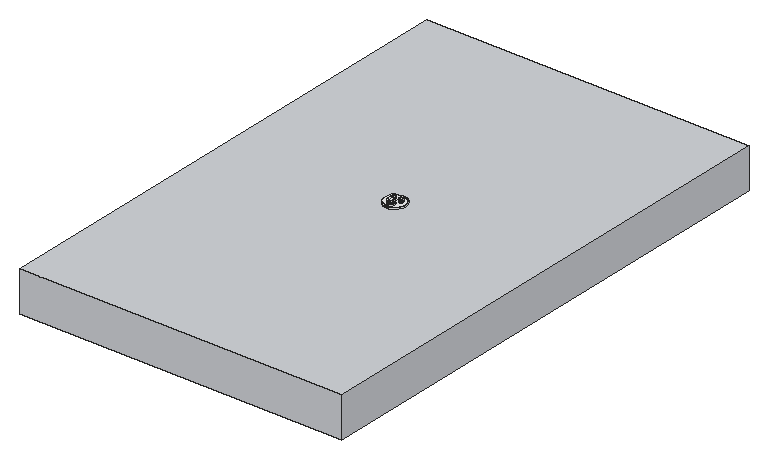
Revit family "Thermostatic_Trim-GROHE-GrohTherm_SmartControl-29137_Series", category Plumbing Fixtures, host Face, Revit 2018
Family settings
  Host = Face
  Round Connector Dimension = Use Diameter
  Part Type = Normal
  OmniClass Number = 23.45.05.14.17
  OmniClass Title = Showers
  Cut with Voids When Loaded = No
  Shared = Yes
  Room Calculation Point = No
Parameters (values of type "29137000")
  cUPC Compliant = yes
  Waste Connection = no
  Warranty Documentation Link = "https://cdn.cloud.grohe.com/tpi/1000/1900/1940/1949/1949006/original/1949006.pdf"
  WFU = 0  # constant formula
  Vent Connection = no
  URL = "https://www.grohe.us/"
  Type Comments = ""
  Revised Date = "05/27/2021"  # constant formula
  Product Page URL = "https://www.grohe.us/Thermostatic-Valves-Trims/Dual-Function-Thermostatic-Valve-Trim/GROHE-CHROME-29137000"
  Product Documentation Link = "https://americanstandard.box.com/shared/static/ecs47gyrcadhssdp6oimihnt5enhphoi.pdf"
  Price = "Prices may vary. Please consult Manufacturer Representative for most up-to-date price list."  # constant formula
  Operating Pressure = "21.75–72.5 psi"  # constant formula
  Model = "29137000"
  Material = "Metal-Grohe-000-StarLight Chrome"
  Manufacturer = "Grohe"
  Length = 1 11/16"  # constant formula
  Installation Type = "Wall Mounted"
  IAPMO Compliance = "ASME A112.18.1/CSA B125.1"  # constant formula
  Hot Water Connection Radius = Hot Water Connection Diameter / 2  # 1/4"
  Hot Water Connection Diameter = Cold Water Connection Diameter  # 1/2"
  HWFU = 3  # constant formula
  HW Connection = yes
  Finish = Metal-Grohe-000-StarLight Chrome
  Diameter = 6 1/4"  # constant formula
  Description = "GrohTherm® SmartControl Dual Function Thermostatic Trim with Control Module"  # constant formula
  Default Elevation = 39"  # constant formula
  Creation Date = "01/04/2018"  # constant formula
  Cold Water Connection Radius = 1/4"  # constant formula
  Cold Water Connection Diameter = Cold Water Connection Radius * 2  # 1/2"
  CWFU = 3  # constant formula
  CW Connection = yes
  Assembly Code = "D2010710"
Reference planes (in)
  plane 1 "Center (Front/Back)": y = 0
  plane 2: z = 0
  plane 3 "Center (Left/Right)": x = 0
  plane 4: z = 0.375
  plane 5: x = -0.15075
  plane 6: x = 0.15075
  plane 7: z = 1.6875
  plane 8: y = -3.125
  plane 9: y = 3.125
  plane 10: x = 3.125
  plane 11: x = -3.125
  plane 12: y = -0.55291
  plane 13: y = -2.48841
  plane 14: y = -1.52066
  plane 15: y = 1.25
  plane 16: y = 0.8125
  plane 17: x = -1.20277
Forms (in)
  Extrusion 1, solid
    sketch origin (-0.5, 0.5, 0) x (1, 0, 0) y (0, 1, 0)
      loop
        line (-48, 72) -> (-48, -79.70833) -> (48, -79.70833) -> (48, 72) -> (-48, 72)
    from 0 to -12
  Extrusion 2, solid, material "Metal-Grohe-000-StarLight Chrome" <- "Finish"
    sketch origin (0, 0, 0) x (1, 0, 0) y (0, 1, 0)
      loop
        circle (-0.81362, 0) r 0.25
      loop
        circle (0.81362, 0) r 0.25
    from 0 to 0.0625
  Revolve 3, solid, material "Metal-Grohe-000-StarLight Chrome" <- "Finish"
    sketch origin (0, 0, 0) x (0, 1, 0) y (0, 0, 1)
      loop
        line (-2.48841, 1.54478) -> (-2.48841, 1.50481) -> (-1.52066, 1.50481) -> (-1.52066, 1.6875)
        arc (-1.52066, 1.6875) -> (-1.94638, 1.681) -> (-2.3717, 1.66149) r 13.93676
        line (-2.3717, 1.66149) -> (-2.48841, 1.54478)
      loop
        line (-1.52066, 0.8294) -> (-2.48841, 0.8294) -> (-2.48841, 0.73803) -> (-2.43034, 0.73803) -> (-2.43034, 0.70214) -> (-2.48841, 0.70214) -> (-2.48841, 0.28028) -> (-1.52066, 0.28028) -> (-1.52066, 0.8294)
      axis (-1.52066, 1.6875) -> (-1.52066, 0.28028)
    angle from 0 to 360
  Extrusion 4, solid, material "Metal-Grohe-000-StarLight Chrome" <- "Finish"
    sketch origin (0, 0, 0) x (1, 0, 0) y (0, 1, 0)
      loop
        arc (0, -0.55291) -> (-0.04361, -0.56153) -> (-0.08782, -0.55691) r 0.14911
        arc (-0.08782, -0.55691) -> (-0.13689, -0.56856) -> (-0.18726, -0.5712) r 0.27927
        arc (-0.18726, -0.5712) -> (-0.22838, -0.5881) -> (-0.27265, -0.59212) r 0.14911
        arc (-0.27265, -0.59212) -> (-0.31206, -0.61267) -> (-0.35578, -0.62069) r 0.14911
        arc (-0.35578, -0.62069) -> (-0.39317, -0.64473) -> (-0.43599, -0.65669) r 0.14911
        arc (-0.43599, -0.65669) -> (-0.47104, -0.68403) -> (-0.51259, -0.69982) r 0.14911
        arc (-0.51259, -0.69982) -> (-0.54502, -0.73022) -> (-0.58497, -0.74972) r 0.14911
        arc (-0.58497, -0.74972) -> (-0.6145, -0.78294) -> (-0.65251, -0.80599) r 0.14911
        arc (-0.65251, -0.80599) -> (-0.67891, -0.84175) -> (-0.71468, -0.86815) r 0.14911
        arc (-0.71468, -0.86815) -> (-0.73772, -0.90616) -> (-0.77094, -0.9357) r 0.14911
        arc (-0.77094, -0.9357) -> (-0.79044, -0.97565) -> (-0.82085, -1.00807) r 0.14911
        arc (-0.82085, -1.00807) -> (-0.83664, -1.04962) -> (-0.86397, -1.08468) r 0.14911
        arc (-0.86397, -1.08468) -> (-0.87593, -1.12749) -> (-0.89997, -1.16488) r 0.14911
        arc (-0.89997, -1.16488) -> (-0.908, -1.2086) -> (-0.92855, -1.24802) r 0.14911
        arc (-0.92855, -1.24802) -> (-0.93257, -1.29229) -> (-0.94946, -1.33341) r 0.14911
        arc (-0.94946, -1.33341) -> (-0.94944, -1.37786) -> (-0.96253, -1.42034) r 0.14911
        arc (-0.96253, -1.42034) -> (-0.95849, -1.46461) -> (-0.96767, -1.5081) r 0.14911
        arc (-0.96767, -1.5081) -> (-0.95962, -1.55182) -> (-0.96481, -1.59597) r 0.14911
        arc (-0.96481, -1.59597) -> (-0.95283, -1.63877) -> (-0.954, -1.68321) r 0.14911
        arc (-0.954, -1.68321) -> (-0.93818, -1.72475) -> (-0.93531, -1.76911) r 0.14911
        arc (-0.93531, -1.76911) -> (-0.91579, -1.80905) -> (-0.90891, -1.85296) r 0.14911
        arc (-0.90891, -1.85296) -> (-0.88584, -1.89096) -> (-0.875, -1.93407) r 0.14911
        arc (-0.875, -1.93407) -> (-0.84858, -1.96982) -> (-0.83388, -2.01177) r 0.14911
        arc (-0.83388, -2.01177) -> (-0.80432, -2.04498) -> (-0.78587, -2.08542) r 0.14911
        arc (-0.78587, -2.08542) -> (-0.75342, -2.1158) -> (-0.73138, -2.1544) r 0.14911
        arc (-0.73138, -2.1544) -> (-0.69631, -2.18172) -> (-0.67085, -2.21816) r 0.14911
        arc (-0.67085, -2.21816) -> (-0.63344, -2.24218) -> (-0.60478, -2.27616) r 0.14911
        arc (-0.60478, -2.27616) -> (-0.56535, -2.29669) -> (-0.53373, -2.32793) r 0.14911
        arc (-0.53373, -2.32793) -> (-0.4926, -2.34479) -> (-0.45827, -2.37303) r 0.14911
        arc (-0.45827, -2.37303) -> (-0.41578, -2.38609) -> (-0.37903, -2.4111) r 0.14911
        arc (-0.37903, -2.4111) -> (-0.33553, -2.42025) -> (-0.29666, -2.44182) r 0.14911
        arc (-0.29666, -2.44182) -> (-0.25251, -2.44699) -> (-0.21184, -2.46494) r 0.14911
        arc (-0.21184, -2.46494) -> (-0.16741, -2.46608) -> (-0.12528, -2.48027) r 0.14911
        arc (-0.12528, -2.48027) -> (-0.08092, -2.47737) -> (-0.03768, -2.48768) r 0.14911
        arc (-0.03768, -2.48768) -> (0.00623, -2.48077) -> (0.05023, -2.48711) r 0.14911
        arc (0.05023, -2.48711) -> (0.09333, -2.47624) -> (0.13772, -2.47856) r 0.14911
        arc (0.13772, -2.47856) -> (0.17966, -2.46383) -> (0.22408, -2.46211) r 0.14911
        arc (0.22408, -2.46211) -> (0.26451, -2.44363) -> (0.30859, -2.43789) r 0.14911
        arc (0.30859, -2.43789) -> (0.34718, -2.41582) -> (0.39056, -2.4061) r 0.14911
        arc (0.39056, -2.4061) -> (0.42698, -2.38062) -> (0.4693, -2.36701) r 0.14911
        arc (0.4693, -2.36701) -> (0.50326, -2.33833) -> (0.54416, -2.32093) r 0.14911
        arc (0.54416, -2.32093) -> (0.57538, -2.28928) -> (0.61454, -2.26825) r 0.14911
        arc (0.61454, -2.26825) -> (0.64276, -2.2339) -> (0.67985, -2.20939) r 0.14911
        arc (0.67985, -2.20939) -> (0.70483, -2.17263) -> (0.73954, -2.14486) r 0.14911
        arc (0.73954, -2.14486) -> (0.76108, -2.10597) -> (0.79313, -2.07517) r 0.14911
        arc (0.79313, -2.07517) -> (0.81106, -2.03449) -> (0.84018, -2.00091) r 0.14911
        arc (0.84018, -2.00091) -> (0.85434, -1.95877) -> (0.8803, -1.92268) r 0.14911
        arc (0.8803, -1.92268) -> (0.89057, -1.87943) -> (0.91315, -1.84114) r 0.14911
        arc (0.91315, -1.84114) -> (0.91946, -1.79714) -> (0.93846, -1.75695) r 0.14911
        arc (0.93846, -1.75695) -> (0.94075, -1.71256) -> (0.95603, -1.67081) r 0.14911
        arc (0.95603, -1.67081) -> (0.95428, -1.62639) -> (0.96571, -1.58344) r 0.14911
        arc (0.96571, -1.58344) -> (0.95994, -1.53936) -> (0.96742, -1.49554) r 0.14911
        arc (0.96742, -1.49554) -> (0.95768, -1.45217) -> (0.96115, -1.40785) r 0.14911
        arc (0.96115, -1.40785) -> (0.94751, -1.36554) -> (0.94695, -1.3211) r 0.14911
        arc (0.94695, -1.3211) -> (0.92952, -1.2802) -> (0.92493, -1.23599) r 0.14911
        arc (0.92493, -1.23599) -> (0.90387, -1.19684) -> (0.89528, -1.15323) r 0.14911
        arc (0.89528, -1.15323) -> (0.87075, -1.11615) -> (0.85824, -1.0735) r 0.14911
        arc (0.85824, -1.0735) -> (0.83045, -1.0388) -> (0.81412, -0.99746) r 0.14911
        arc (0.81412, -0.99746) -> (0.7833, -0.96543) -> (0.76328, -0.92574) r 0.14911
        arc (0.76328, -0.92574) -> (0.72968, -0.89664) -> (0.70615, -0.85893) r 0.14911
        arc (0.70615, -0.85893) -> (0.67004, -0.833) -> (0.64318, -0.79758) r 0.14911
        arc (0.64318, -0.79758) -> (0.60487, -0.77503) -> (0.57491, -0.74219) r 0.14911
        arc (0.57491, -0.74219) -> (0.53471, -0.72322) -> (0.50189, -0.69323) r 0.14911
        arc (0.50189, -0.69323) -> (0.46014, -0.67798) -> (0.42473, -0.6511) r 0.14911
        arc (0.42473, -0.6511) -> (0.38177, -0.6397) -> (0.34407, -0.61615) r 0.14911
        arc (0.34407, -0.61615) -> (0.30025, -0.60869) -> (0.26057, -0.58865) r 0.14911
        arc (0.26057, -0.58865) -> (0.21625, -0.58521) -> (0.17492, -0.56885) r 0.14911
        arc (0.17492, -0.56885) -> (0.13047, -0.56945) -> (0.08782, -0.55691) r 0.14911
        arc (0.08782, -0.55691) -> (0.04361, -0.56153) -> (0, -0.55291) r 0.14911
    from 0.8294 to 1.50481
  Revolve 5, solid, material "Metal-Grohe-000-StarLight Chrome" <- "Finish"
    sketch origin (-1.20277, 0.1875, 0) x (0, 1, 0) y (0, 0, 1)
      loop
        line (0, 1.06249) -> (0.625, 1.06249) -> (0.625, 1.20523)
        arc (0.625, 1.20523) -> (0.35784, 1.19594) -> (0.09198, 1.16813) r 3.84769
        line (0.09198, 1.16813) -> (0, 1.11503) -> (0, 1.06249)
      loop
        line (0, 0.28028) -> (0.625, 0.28028) -> (0.625, 0.52591) -> (0, 0.52591) -> (0, 0.28028)
      axis (0.625, 1.20523) -> (0.625, 0.28028)
    angle from 0 to 360
  Extrusion 6, solid, material "Metal-Grohe-000-StarLight Chrome" <- "Finish"
    sketch origin (-1.20277, 0.1875, 0) x (1, 0, 0) y (0, 1, 0)
      loop
        arc (0, 1.25) -> (-0.03551, 1.24132) -> (-0.07178, 1.24586) r 0.10083
        arc (-0.07178, 1.24586) -> (-0.1059, 1.23281) -> (-0.14243, 1.23356) r 0.09526
        arc (-0.14243, 1.23356) -> (-0.18245, 1.21423) -> (-0.2264, 1.20755) r 0.14911
        arc (-0.2264, 1.20755) -> (-0.26332, 1.1828) -> (-0.3059, 1.17003) r 0.14911
        arc (-0.3059, 1.17003) -> (-0.33898, 1.14033) -> (-0.37935, 1.12171) r 0.14911
        arc (-0.37935, 1.12171) -> (-0.40794, 1.08767) -> (-0.44529, 1.06357) r 0.14911
        arc (-0.44529, 1.06357) -> (-0.46882, 1.02586) -> (-0.50242, 0.99675) r 0.14911
        arc (-0.50242, 0.99675) -> (-0.52043, 0.95611) -> (-0.54961, 0.92259) r 0.14911
        arc (-0.54961, 0.92259) -> (-0.56173, 0.87982) -> (-0.58593, 0.84252) r 0.14911
        arc (-0.58593, 0.84252) -> (-0.59193, 0.79848) -> (-0.61065, 0.75816) r 0.14911
        arc (-0.61065, 0.75816) -> (-0.61042, 0.71371) -> (-0.62329, 0.67116) r 0.14911
        arc (-0.62329, 0.67116) -> (-0.61683, 0.62718) -> (-0.62361, 0.58325) r 0.14911
        arc (-0.62361, 0.58325) -> (-0.61103, 0.54062) -> (-0.61158, 0.49617) r 0.14911
        arc (-0.61158, 0.49617) -> (-0.59315, 0.45572) -> (-0.58746, 0.41163) r 0.14911
        arc (-0.58746, 0.41163) -> (-0.56353, 0.37417) -> (-0.5517, 0.33132) r 0.14911
        arc (-0.5517, 0.33132) -> (-0.52276, 0.29758) -> (-0.50504, 0.25681) r 0.14911
        arc (-0.50504, 0.25681) -> (-0.47165, 0.22747) -> (-0.44838, 0.18959) r 0.14911
        arc (-0.44838, 0.18959) -> (-0.4112, 0.16523) -> (-0.38286, 0.13099) r 0.14911
        arc (-0.38286, 0.13099) -> (-0.34263, 0.11208) -> (-0.30975, 0.08216) r 0.14911
        arc (-0.30975, 0.08216) -> (-0.26727, 0.06908) -> (-0.23053, 0.04406) r 0.14911
        arc (-0.23053, 0.04406) -> (-0.18663, 0.03708) -> (-0.14673, 0.01747) r 0.14911
        arc (-0.14673, 0.01747) -> (-0.10229, 0.01671) -> (-0.06004, 0.00289) r 0.14911
        arc (-0.06004, 0.00289) -> (-0.01593, 0.00838) -> (0.02784, 0.00062) r 0.14911
        arc (0.02784, 0.00062) -> (0.07075, 0.01224) -> (0.11517, 0.0107) r 0.14911
        arc (0.11517, 0.0107) -> (0.15602, 0.02823) -> (0.20023, 0.03294) r 0.14911
        arc (0.20023, 0.03294) -> (0.23821, 0.05603) -> (0.28132, 0.06689) r 0.14911
        arc (0.28132, 0.06689) -> (0.31569, 0.09508) -> (0.35684, 0.11188) r 0.14911
        arc (0.35684, 0.11188) -> (0.38692, 0.14461) -> (0.42531, 0.16702) r 0.14911
        arc (0.42531, 0.16702) -> (0.45049, 0.20365) -> (0.48536, 0.23123) r 0.14911
        arc (0.48536, 0.23123) -> (0.50516, 0.27103) -> (0.53581, 0.30323) r 0.14911
        arc (0.53581, 0.30323) -> (0.54983, 0.34541) -> (0.57565, 0.38159) r 0.14911
        arc (0.57565, 0.38159) -> (0.58362, 0.42532) -> (0.60412, 0.46477) r 0.14911
        arc (0.60412, 0.46477) -> (0.60586, 0.50918) -> (0.62062, 0.55112) r 0.14911
        arc (0.62062, 0.55112) -> (0.61612, 0.59534) -> (0.62485, 0.63892) r 0.14911
        arc (0.62485, 0.63892) -> (0.61418, 0.68208) -> (0.61671, 0.72646) r 0.14911
        arc (0.61671, 0.72646) -> (0.6001, 0.76769) -> (0.59638, 0.81199) r 0.14911
        arc (0.59638, 0.81199) -> (0.57414, 0.85048) -> (0.56424, 0.89381) r 0.14911
        arc (0.56424, 0.89381) -> (0.53682, 0.92881) -> (0.52094, 0.97032) r 0.14911
        arc (0.52094, 0.97032) -> (0.48889, 1.00112) -> (0.46733, 1.04) r 0.14911
        arc (0.46733, 1.04) -> (0.43128, 1.066) -> (0.40449, 1.10147) r 0.14911
        arc (0.40449, 1.10147) -> (0.36514, 1.12215) -> (0.33363, 1.1535) r 0.14911
        arc (0.33363, 1.1535) -> (0.29177, 1.16846) -> (0.25618, 1.19509) r 0.14911
        arc (0.25618, 1.19509) -> (0.21263, 1.20402) -> (0.17365, 1.22539) r 0.14911
        arc (0.17365, 1.22539) -> (0.12928, 1.22813) -> (0.08769, 1.24382) r 0.14911
        arc (0.08769, 1.24382) -> (0.04338, 1.2403) -> (0, 1.25) r 0.14911
    from 0.52591 to 1.06249
  Extrusion 7, solid, material "Paint-Grohe-Red"
    sketch origin (0, 0, 0) x (1, 0, 0) y (0, 1, 0)
      loop
        line (-0.24665, -0.46647) -> (-0.26135, -0.40363)
        arc (-0.26135, -0.40363) -> (-0.70105, -0.61259) -> (-1.0145, -0.98507) r 1.1472
        line (-1.0145, -0.98507) -> (-0.95743, -1.0152)
        arc (-0.95743, -1.0152) -> (-0.66161, -0.66367) -> (-0.24665, -0.46647) r 1.08267
    from 0 to 0.38164
  Extrusion 8, solid, material "Paint-Grohe-Blue"
    sketch origin (0, 0, 0) x (-1, 0, 0) y (0, -1, 0)
      loop
        arc (-0.24665, 0.46647) -> (-0.66161, 0.66367) -> (-0.95743, 1.0152) r 1.08267
        line (-0.95743, 1.0152) -> (-1.0145, 0.98507)
        arc (-1.0145, 0.98507) -> (-0.70105, 0.61259) -> (-0.26135, 0.40363) r 1.1472
        line (-0.26135, 0.40363) -> (-0.24665, 0.46647)
    from 0 to 0.38164
  Extrusion 9, solid, material "Metal-Grohe-000-StarLight Chrome" <- "Finish"
    sketch origin (0, 0, 0) x (1, 0, 0) y (0, 0, 1)
      loop
        circle (0, 1.16813) r 0.30299
    from 0.25425 to 1.62542
  Extrusion 10, void
    sketch origin (0, 0, 0) x (1, 0, 0) y (0, 1, 0)
      loop
        line (0.35253, -0.58486) -> (0.35253, -0.17759) -> (-0.35958, -0.17759) -> (-0.35958, -0.58755)
        arc (-0.35958, -0.58755) -> (-0.00377, -0.52067) -> (0.35253, -0.58486) r 1
    from 0.73803 to 1.50481
  Revolve 11, solid, material "Metal-Grohe-000-StarLight Chrome" <- "Finish"
    sketch origin (1.20277, 0.1875, 0) x (0, 1, 0) y (0, 0, -1)
      loop
        line (0, -1.06249) -> (0, -1.11503) -> (0.09198, -1.16813)
        arc (0.09198, -1.16813) -> (0.35784, -1.19594) -> (0.625, -1.20523) r 3.84769
        line (0.625, -1.20523) -> (0.625, -1.06249) -> (0, -1.06249)
      loop
        line (0, -0.28028) -> (0, -0.52591) -> (0.625, -0.52591) -> (0.625, -0.28028) -> (0, -0.28028)
      axis (0.625, -1.20523) -> (0.625, -0.28028)
    angle from 0 to 360
  Extrusion 12, solid, material "Metal-Grohe-000-StarLight Chrome" <- "Finish"
    sketch origin (1.20277, 0.1875, 0) x (-1, 0, 0) y (0, -1, 0)
      loop
        arc (0, -1.25) -> (0.04338, -1.2403) -> (0.08769, -1.24382) r 0.14911
        arc (0.08769, -1.24382) -> (0.12928, -1.22813) -> (0.17365, -1.22539) r 0.14911
        arc (0.17365, -1.22539) -> (0.21263, -1.20402) -> (0.25618, -1.19509) r 0.14911
        arc (0.25618, -1.19509) -> (0.29177, -1.16846) -> (0.33363, -1.1535) r 0.14911
        arc (0.33363, -1.1535) -> (0.36514, -1.12215) -> (0.40449, -1.10147) r 0.14911
        arc (0.40449, -1.10147) -> (0.43128, -1.066) -> (0.46733, -1.04) r 0.14911
        arc (0.46733, -1.04) -> (0.48889, -1.00112) -> (0.52094, -0.97032) r 0.14911
        arc (0.52094, -0.97032) -> (0.53682, -0.92881) -> (0.56424, -0.89381) r 0.14911
        arc (0.56424, -0.89381) -> (0.57414, -0.85048) -> (0.59638, -0.81199) r 0.14911
        arc (0.59638, -0.81199) -> (0.6001, -0.76769) -> (0.61671, -0.72646) r 0.14911
        arc (0.61671, -0.72646) -> (0.61418, -0.68208) -> (0.62485, -0.63892) r 0.14911
        arc (0.62485, -0.63892) -> (0.61612, -0.59534) -> (0.62062, -0.55112) r 0.14911
        arc (0.62062, -0.55112) -> (0.60586, -0.50918) -> (0.60412, -0.46477) r 0.14911
        arc (0.60412, -0.46477) -> (0.58362, -0.42532) -> (0.57565, -0.38159) r 0.14911
        arc (0.57565, -0.38159) -> (0.54983, -0.34541) -> (0.53581, -0.30323) r 0.14911
        arc (0.53581, -0.30323) -> (0.50516, -0.27103) -> (0.48536, -0.23123) r 0.14911
        arc (0.48536, -0.23123) -> (0.45049, -0.20365) -> (0.42531, -0.16702) r 0.14911
        arc (0.42531, -0.16702) -> (0.38692, -0.14461) -> (0.35684, -0.11188) r 0.14911
        arc (0.35684, -0.11188) -> (0.31569, -0.09508) -> (0.28132, -0.06689) r 0.14911
        arc (0.28132, -0.06689) -> (0.23821, -0.05603) -> (0.20023, -0.03294) r 0.14911
        arc (0.20023, -0.03294) -> (0.15602, -0.02823) -> (0.11517, -0.0107) r 0.14911
        arc (0.11517, -0.0107) -> (0.07075, -0.01224) -> (0.02784, -0.00062) r 0.14911
        arc (0.02784, -0.00062) -> (-0.01593, -0.00838) -> (-0.06004, -0.00289) r 0.14911
        arc (-0.06004, -0.00289) -> (-0.10229, -0.01671) -> (-0.14673, -0.01747) r 0.14911
        arc (-0.14673, -0.01747) -> (-0.18663, -0.03708) -> (-0.23053, -0.04406) r 0.14911
        arc (-0.23053, -0.04406) -> (-0.26727, -0.06908) -> (-0.30975, -0.08216) r 0.14911
        arc (-0.30975, -0.08216) -> (-0.34263, -0.11208) -> (-0.38286, -0.13099) r 0.14911
        arc (-0.38286, -0.13099) -> (-0.4112, -0.16523) -> (-0.44838, -0.18959) r 0.14911
        arc (-0.44838, -0.18959) -> (-0.47165, -0.22747) -> (-0.50504, -0.25681) r 0.14911
        arc (-0.50504, -0.25681) -> (-0.52276, -0.29758) -> (-0.5517, -0.33132) r 0.14911
        arc (-0.5517, -0.33132) -> (-0.56353, -0.37417) -> (-0.58746, -0.41163) r 0.14911
        arc (-0.58746, -0.41163) -> (-0.59315, -0.45572) -> (-0.61158, -0.49617) r 0.14911
        arc (-0.61158, -0.49617) -> (-0.61103, -0.54062) -> (-0.62361, -0.58325) r 0.14911
        arc (-0.62361, -0.58325) -> (-0.61683, -0.62718) -> (-0.62329, -0.67116) r 0.14911
        arc (-0.62329, -0.67116) -> (-0.61042, -0.71371) -> (-0.61065, -0.75816) r 0.14911
        arc (-0.61065, -0.75816) -> (-0.59193, -0.79848) -> (-0.58593, -0.84252) r 0.14911
        arc (-0.58593, -0.84252) -> (-0.56173, -0.87982) -> (-0.54961, -0.92259) r 0.14911
        arc (-0.54961, -0.92259) -> (-0.52043, -0.95611) -> (-0.50242, -0.99675) r 0.14911
        arc (-0.50242, -0.99675) -> (-0.46882, -1.02586) -> (-0.44529, -1.06357) r 0.14911
        arc (-0.44529, -1.06357) -> (-0.40794, -1.08767) -> (-0.37935, -1.12171) r 0.14911
        arc (-0.37935, -1.12171) -> (-0.33898, -1.14033) -> (-0.3059, -1.17003) r 0.14911
        arc (-0.3059, -1.17003) -> (-0.26332, -1.1828) -> (-0.2264, -1.20755) r 0.14911
        arc (-0.2264, -1.20755) -> (-0.18245, -1.21423) -> (-0.14243, -1.23356) r 0.14911
        arc (-0.14243, -1.23356) -> (-0.1059, -1.23281) -> (-0.07178, -1.24586) r 0.09526
        arc (-0.07178, -1.24586) -> (-0.03551, -1.24132) -> (0, -1.25) r 0.10083
    from 0.52591 to 1.06249
  Revolve 13, solid, material "Metal-Grohe-000-StarLight Chrome" <- "Finish"
    sketch origin (0, 0, 0) x (0, 1, 0) y (0, 0, 1)
      loop
        line (0, 0) -> (3.125, 0) -> (3.125, 0.28028) -> (3.03028, 0.375) -> (0, 0.375) -> (0, 0)
      axis (0, 0.375) -> (0, 0)
    angle from 0 to 360
Cuts and joins
  Extrusion 10 cuts Extrusion 2
  Extrusion 10 cuts Extrusion 4
  Extrusion 10 cuts Extrusion 9
  joined: Extrusion 2, Extrusion 4, Extrusion 9
  joined: Revolve 3, Revolve 5, Extrusion 6, Revolve 11, Extrusion 12, Revolve 13
  Extrusion 10 cuts Extrusion 7
  Extrusion 10 cuts Extrusion 8
Lines and regions (in)
  Masking region 1
    outline origin (0, 0, 0) x (1, 0, 0) y (0, 0, 1)
      loop
        line (3.125, 0) -> (3.125, 0.28028) -> (3.03028, 0.375) -> (1.82777, 0.375) -> (1.82777, 1.11503) -> (1.73579, 1.16813)
        arc (1.73579, 1.16813) -> (1.35262, 1.20407) -> (0.9678, 1.19959) r 3.66067
        line (0.9678, 1.19959) -> (0.9678, 1.54473) -> (0.85103, 1.66149)
        arc (0.85103, 1.66149) -> (0, 1.68773) -> (-0.85103, 1.66149) r 13.81654
        line (-0.85103, 1.66149) -> (-0.9678, 1.54473) -> (-0.9678, 1.19959)
        arc (-0.9678, 1.19959) -> (-1.35262, 1.20407) -> (-1.73579, 1.16813) r 3.66067
        line (-1.73579, 1.16813) -> (-1.82777, 1.11503) -> (-1.82777, 0.375) -> (-3.03028, 0.375) -> (-3.125, 0.28028) -> (-3.125, 0) -> (3.125, 0)
  symbolic lines, detail levels fine
    curve 1: line (-1.82777, 0, 0.375) -> (-0.57777, 0, 0.375)
    curve 2: line (0.85103, 0, 1.66149) -> (-0.85103, 0, 1.66149)
    curve 3: line (0.9678, 0, 1.54473) -> (-0.9678, 0, 1.54473)
    curve 4: line (0.9678, 0, 1.50481) -> (-0.9678, 0, 1.50481)
    curve 6: line (3.125, 0, 0.28028) -> (-3.125, 0, 0.28028)
    curve 7: line (-0.56325, 0, 0.8294) -> (-0.56325, 0, 1.50481)
    curve 8: line (-0.4851, 0, 0.8294) -> (-0.4851, 0, 1.50481)
    curve 9: line (-0.40695, 0, 0.8294) -> (-0.40695, 0, 1.50481)
    curve 10: line (-0.32881, 0, 0.8294) -> (-0.32881, 0, 1.50481)
    curve 11: line (0.37454, 0, 0.8294) -> (0.37454, 0, 1.50481)
    curve 12: line (0.45269, 0, 0.8294) -> (0.45269, 0, 1.50481)
    curve 13: line (0.53084, 0, 0.8294) -> (0.53084, 0, 1.50481)
    curve 14: circle (0, 0, 1.16813) r 0.30299 normal (0, -1, 0)
    curve 15: line (0.29639, 0, 1.23101) -> (0.29639, 0, 1.50481)
    curve 16: line (0.21824, 0, 1.3783) -> (0.21824, 0, 1.50481)
    curve 17: line (0.14009, 0, 1.43678) -> (0.14009, 0, 1.50481)
    curve 18: line (0.06194, 0, 1.46472) -> (0.06194, 0, 1.50481)
    curve 19: line (-0.01621, 0, 1.47068) -> (-0.01621, 0, 1.50481)
    curve 20: line (-0.09436, 0, 1.45605) -> (-0.09436, 0, 1.50481)
    curve 21: line (-0.17251, 0, 1.41721) -> (-0.17251, 0, 1.50481)
    curve 22: line (-0.25066, 0, 1.33834) -> (-0.25066, 0, 1.50481)
    curve 27: line (1.82777, 0, 0.52591) -> (0.57777, 0, 0.52591)
    curve 28: line (1.82777, 0, 1.06249) -> (0.57777, 0, 1.06249)
    curve 29: line (1.82777, 0, 1.11503) -> (0.57777, 0, 1.11503)
    curve 30: line (1.73579, 0, 1.16813) -> (0.66975, 0, 1.16813)
    curve 31: line (0.65592, 0, 0.52591) -> (0.65592, 0, 1.06249)
    curve 32: line (0.73407, 0, 0.52591) -> (0.73407, 0, 1.06249)
    curve 33: line (0.81222, 0, 0.52591) -> (0.81222, 0, 1.06249)
    curve 34: line (0.89037, 0, 0.52591) -> (0.89037, 0, 1.06249)
    curve 35: line (0.96852, 0, 0.52591) -> (0.96852, 0, 1.06249)
    curve 36: line (1.04667, 0, 0.52591) -> (1.04667, 0, 1.06249)
    curve 37: line (1.12482, 0, 0.52591) -> (1.12482, 0, 1.06249)
    curve 38: line (1.20297, 0, 0.52591) -> (1.20297, 0, 1.06249)
    curve 39: line (1.28112, 0, 0.52591) -> (1.28112, 0, 1.06249)
    curve 40: line (1.35927, 0, 0.52591) -> (1.35927, 0, 1.06249)
    curve 41: line (1.43742, 0, 0.52591) -> (1.43742, 0, 1.06249)
    curve 42: line (1.51556, 0, 0.52591) -> (1.51556, 0, 1.06249)
    curve 43: line (1.59371, 0, 0.52591) -> (1.59371, 0, 1.06249)
    curve 44: line (1.67186, 0, 0.52591) -> (1.67186, 0, 1.06249)
    curve 45: line (1.75001, 0, 0.52591) -> (1.75001, 0, 1.06249)
    curve 47: line (0.92159, 0, 1.19633) -> (0.92159, 0, 1.50481)
    curve 48: line (0.84344, 0, 1.18946) -> (0.84344, 0, 1.50481)
    curve 49: line (0.76529, 0, 1.18091) -> (0.76529, 0, 1.50481)
    curve 50: line (0.68714, 0, 1.17065) -> (0.68714, 0, 1.50481)
    curve 52: line (0.60899, 0, 1.13305) -> (0.60899, 0, 1.50481)
    curve 57: line (-1.82777, 0, 0.52591) -> (-0.57777, 0, 0.52591)
    curve 58: line (-1.82777, 0, 1.06249) -> (-0.57777, 0, 1.06249)
    curve 59: line (-1.82777, 0, 1.11503) -> (-0.57777, 0, 1.11503)
    curve 60: line (-1.73579, 0, 1.16813) -> (-0.66975, 0, 1.16813)
    curve 61: line (-0.65592, 0, 0.52591) -> (-0.65592, 0, 1.06249)
    curve 62: line (-0.73407, 0, 0.52591) -> (-0.73407, 0, 1.06249)
    curve 63: line (-0.81222, 0, 0.52591) -> (-0.81222, 0, 1.06249)
    curve 64: line (-0.89037, 0, 0.52591) -> (-0.89037, 0, 1.06249)
    curve 65: line (-0.96852, 0, 0.52591) -> (-0.96852, 0, 1.06249)
    curve 66: line (-1.04667, 0, 0.52591) -> (-1.04667, 0, 1.06249)
    curve 67: line (-1.12482, 0, 0.52591) -> (-1.12482, 0, 1.06249)
    curve 68: line (-1.20297, 0, 0.52591) -> (-1.20297, 0, 1.06249)
    curve 69: line (-1.28112, 0, 0.52591) -> (-1.28112, 0, 1.06249)
    curve 70: line (-1.35927, 0, 0.52591) -> (-1.35927, 0, 1.06249)
    curve 71: line (-1.43742, 0, 0.52591) -> (-1.43742, 0, 1.06249)
    curve 72: line (-1.51556, 0, 0.52591) -> (-1.51556, 0, 1.06249)
    curve 73: line (-1.59371, 0, 0.52591) -> (-1.59371, 0, 1.06249)
    curve 74: line (-1.67186, 0, 0.52591) -> (-1.67186, 0, 1.06249)
    curve 75: line (-1.75001, 0, 0.52591) -> (-1.75001, 0, 1.06249)
    curve 78: line (-0.6414, 0, 1.15176) -> (-0.6414, 0, 1.50481)
    curve 79: line (-0.71955, 0, 1.17511) -> (-0.71955, 0, 1.50481)
    curve 80: line (-0.7977, 0, 1.18466) -> (-0.7977, 0, 1.50481)
    curve 81: line (-0.87585, 0, 1.19252) -> (-0.87585, 0, 1.50481)
    curve 82: line (-0.954, 0, 1.19868) -> (-0.954, 0, 1.50481)
    curve 83: line (-0.57777, 0, 0.70214) -> (0.57777, 0, 0.70214)
    curve 84: line (0.57777, 0, 0.73803) -> (-0.57777, 0, 0.73803)
    curve 85: line (-0.57777, 0, 0.8294) -> (0.57777, 0, 0.8294)
    curve 86: line (1.82777, 0, 0.375) -> (0.57777, 0, 0.375)
    curve 87: line (0.29639, 0, 1.10525) -> (0.29639, 0, 0.8294)
    curve 88: line (0.21824, 0, 0.95796) -> (0.21824, 0, 0.8294)
    curve 89: line (0.14009, 0, 0.89948) -> (0.14009, 0, 0.8294)
    curve 90: line (0.06194, 0, 0.87154) -> (0.06194, 0, 0.8294)
    curve 91: line (-0.01621, 0, 0.86558) -> (-0.01621, 0, 0.8294)
    curve 92: line (-0.09436, 0, 0.88021) -> (-0.09436, 0, 0.8294)
    curve 93: line (-0.17251, 0, 0.91905) -> (-0.17251, 0, 0.8294)
    curve 94: line (-0.25066, 0, 0.99792) -> (-0.25066, 0, 0.8294)
  symbolic lines, detail levels medium+fine
    curve 5: line (0.57777, 0, 0.375) -> (-0.57777, 0, 0.375)
    curve 23: line (1.82777, 0, 0.375) -> (1.82777, 0, 1.11503)
    curve 24: line (1.82777, 0, 1.11503) -> (1.73579, 0, 1.16813)
    curve 25: line (0.57777, 0, 0.375) -> (0.57777, 0, 1.11503)
    curve 26: line (0.57777, 0, 1.11503) -> (0.66975, 0, 1.16813)
    curve 46: arc (0.9678, 0, 1.19959) -> (0.82719, 0, 1.18782) -> (0.68714, 0, 1.17065) r 3.66067
    curve 51: arc (0.68714, 0, 1.17065) -> (0.67844, 0, 1.1694) -> (0.66975, 0, 1.16813) r 3.66067
    curve 53: line (-1.82777, 0, 0.375) -> (-1.82777, 0, 1.11503)
    curve 54: line (-1.82777, 0, 1.11503) -> (-1.73579, 0, 1.16813)
    curve 55: line (-0.57777, 0, 0.375) -> (-0.57777, 0, 1.11503)
    curve 56: line (-0.57777, 0, 1.11503) -> (-0.66975, 0, 1.16813)
    curve 76: arc (-0.9678, 0, 1.19959) -> (-0.82719, 0, 1.18782) -> (-0.68714, 0, 1.17065) r 3.66067
    curve 77: arc (-0.68714, 0, 1.17065) -> (-0.67844, 0, 1.1694) -> (-0.66975, 0, 1.16813) r 3.66067
Dimensions and locks (in)
  locked: plane 4 to level at 0.375
  "Length": plane 7 to level
  equal spacing: plane 11, plane 3 "Center (Left/Right)", plane 10
  "Diameter": plane 11 to plane 10
  equal spacing: plane 9, plane 1 "Center (Front/Back)", plane 8
  "Diameter": plane 9 to plane 8
  equal spacing: plane 12, plane 14, plane 13
  plane 12 to plane 13 = 1.9355"
  plane 1 "Center (Front/Back)" to plane 14 = 1.52066"
  plane 15 to plane 1 "Center (Front/Back)" = 1 1/4"  (x2)
  "Hot Water Connection Diameter": diameter of Extrusion 2 sketch curve
  "Cold Water Connection Diameter": diameter of Extrusion 2 sketch curve
  aligned and locked: plane 2 to Extrusion 1
  aligned and locked: level to Extrusion 1
  aligned and locked: Masking region 1 to curve 4
Automatic sketch dimensions
  Extrusion 1 sketch curve to Extrusion 1 sketch curve = 96"
  Extrusion 1 sketch curve to Extrusion 1 sketch curve = 151.70833"
  plane 1 "Center (Front/Back)" to Extrusion 2 sketch curve = 0"  (x2)
  plane 17 to Extrusion 2 sketch curve = 0.38915"
  plane 6 to Extrusion 2 sketch curve = 0.66287"
  Extrusion 4 sketch curve to plane 3 "Center (Left/Right)" = 0"
  Extrusion 4 sketch curve to plane 12 = 0"
  Extrusion 4 sketch curve to plane 3 "Center (Left/Right)" = 0.05038"
  Extrusion 4 sketch curve to plane 5 = 0.05726"
  plane 5 to Extrusion 4 sketch curve = 0.02588"
  plane 5 to Extrusion 4 sketch curve = 0.04265"
  plane 5 to Extrusion 4 sketch curve = 0.11309"
  Extrusion 4 sketch curve to Extrusion 4 sketch curve = 0.09832"
  Extrusion 4 sketch curve to Extrusion 4 sketch curve = 0.09668"  (x2)
  Extrusion 4 sketch curve to plane 13 = 0.07155"
  Extrusion 4 sketch curve to Extrusion 4 sketch curve = 0.09591"
  Extrusion 4 sketch curve to Extrusion 4 sketch curve = 0.09371"  (x2)
  Extrusion 4 sketch curve to Extrusion 4 sketch curve = 0.09271"
  Extrusion 4 sketch curve to plane 12 = 0.00118"
  Extrusion 4 sketch curve to Extrusion 4 sketch curve = 0.08996"  (x2)
  plane 13 to Extrusion 4 sketch curve = 1/64"
  Extrusion 4 sketch curve to Extrusion 4 sketch curve = 0.08875"
  Extrusion 4 sketch curve to Extrusion 4 sketch curve = 0.08547"  (x2)
  Extrusion 4 sketch curve to Extrusion 4 sketch curve = 0.08405"
  Extrusion 4 sketch curve to Extrusion 4 sketch curve = 0.08027"  (x2)
  Extrusion 4 sketch curve to Extrusion 4 sketch curve = 0.07866"
  Extrusion 4 sketch curve to Extrusion 4 sketch curve = 0.07441"  (x2)
  Extrusion 4 sketch curve to Extrusion 4 sketch curve = 0.07262"
  Extrusion 4 sketch curve to Extrusion 4 sketch curve = 0.06794"  (x2)
  Extrusion 4 sketch curve to Extrusion 4 sketch curve = 0.06599"
  Extrusion 4 sketch curve to Extrusion 4 sketch curve = 0.06091"
  Extrusion 4 sketch curve to Extrusion 4 sketch curve = 0.0588"
  Extrusion 4 sketch curve to Extrusion 4 sketch curve = 0.05337"
  Extrusion 4 sketch curve to Extrusion 4 sketch curve = 0.05114"
  Extrusion 4 sketch curve to Extrusion 4 sketch curve = 0.0454"
  Extrusion 4 sketch curve to Extrusion 4 sketch curve = 0.04305"
  Extrusion 4 sketch curve to Extrusion 4 sketch curve = 0.03705"
  Extrusion 4 sketch curve to Extrusion 4 sketch curve = 0.0346"
  Extrusion 4 sketch curve to Extrusion 4 sketch curve = 0.02839"  (x2)
  Extrusion 4 sketch curve to Extrusion 4 sketch curve = 0.02587"
  Extrusion 4 sketch curve to Extrusion 4 sketch curve = 0.0195"
  Extrusion 4 sketch curve to Extrusion 4 sketch curve = 0.01692"
  Extrusion 4 sketch curve to plane 14 = 0.06476"
  plane 17 to Extrusion 4 sketch curve = 0.09543"
  plane 14 to Extrusion 4 sketch curve = 0.03599"
  plane 17 to Extrusion 4 sketch curve = 0.09412"
  plane 3 "Center (Left/Right)" to Extrusion 4 sketch curve = 0.0072"
  plane 3 "Center (Left/Right)" to Extrusion 4 sketch curve = 0.05038"
  Extrusion 4 sketch curve to plane 6 = 0.04292"
  Extrusion 4 sketch curve to plane 6 = 0.00002"
  plane 6 to Extrusion 4 sketch curve = 0.05682"
  plane 6 to Extrusion 4 sketch curve = 0.09908"
  Extrusion 4 sketch curve to Extrusion 4 sketch curve = 0.09803"
  Extrusion 4 sketch curve to Extrusion 4 sketch curve = 0.09704"
  Extrusion 4 sketch curve to plane 13 = 0.06643"
  Extrusion 4 sketch curve to Extrusion 4 sketch curve = 0.0955"
  Extrusion 4 sketch curve to Extrusion 4 sketch curve = 0.09418"
  Extrusion 4 sketch curve to Extrusion 4 sketch curve = 0.09219"
  plane 12 to Extrusion 4 sketch curve = 0.0058"
  Extrusion 4 sketch curve to Extrusion 4 sketch curve = 0.09054"
  plane 13 to Extrusion 4 sketch curve = 0.0231"
  Extrusion 4 sketch curve to Extrusion 4 sketch curve = 0.08812"
  Extrusion 4 sketch curve to Extrusion 4 sketch curve = 0.08615"
  Extrusion 4 sketch curve to Extrusion 4 sketch curve = 0.08333"
  Extrusion 4 sketch curve to Extrusion 4 sketch curve = 0.08106"
  Extrusion 4 sketch curve to Extrusion 4 sketch curve = 0.07784"
  Extrusion 4 sketch curve to Extrusion 4 sketch curve = 0.07529"
  Extrusion 4 sketch curve to Extrusion 4 sketch curve = 0.07171"
  Extrusion 4 sketch curve to Extrusion 4 sketch curve = 0.0689"
  Extrusion 4 sketch curve to Extrusion 4 sketch curve = 0.06499"
  Extrusion 4 sketch curve to Extrusion 4 sketch curve = 0.06194"
  Extrusion 4 sketch curve to Extrusion 4 sketch curve = 0.05774"
  Extrusion 4 sketch curve to Extrusion 4 sketch curve = 0.05448"
  Extrusion 4 sketch curve to Extrusion 4 sketch curve = 0.05"
  Extrusion 4 sketch curve to Extrusion 4 sketch curve = 0.04656"
  Extrusion 4 sketch curve to Extrusion 4 sketch curve = 0.04186"
  Extrusion 4 sketch curve to Extrusion 4 sketch curve = 0.03826"
  Extrusion 4 sketch curve to Extrusion 4 sketch curve = 0.03337"
  Extrusion 4 sketch curve to Extrusion 4 sketch curve = 0.02964"
  Extrusion 4 sketch curve to Extrusion 4 sketch curve = 0.0246"
  Extrusion 4 sketch curve to Extrusion 4 sketch curve = 0.02078"
  Extrusion 4 sketch curve to Extrusion 4 sketch curve = 1/64"
  Extrusion 4 sketch curve to plane 14 = 0.07913"
  Extrusion 4 sketch curve to Extrusion 4 sketch curve = 0.01175"
  plane 14 to Extrusion 4 sketch curve = 0.0216"
  Extrusion 4 sketch curve to Extrusion 4 sketch curve = 0.00654"
  Extrusion 4 sketch curve to plane 13 = 0.09856"
  Extrusion 4 sketch curve to Extrusion 4 sketch curve = 0.03089"
  Extrusion 4 sketch curve to Extrusion 4 sketch curve = 0.02333"
  Extrusion 4 sketch curve to Extrusion 4 sketch curve = 0.02206"
  Extrusion 4 sketch curve to Extrusion 4 sketch curve = 0.01434"
  Extrusion 4 sketch curve to Extrusion 4 sketch curve = 0.01304"
  Extrusion 4 sketch curve to Extrusion 4 sketch curve = 0.00523"
  Extrusion 4 sketch curve to plane 13 = 0.03208"
  Extrusion 4 sketch curve to plane 13 = 0.02576"
  plane 13 to Extrusion 4 sketch curve = 0.07121"
  plane 13 to Extrusion 4 sketch curve = 0.07976"
  Extrusion 4 sketch curve to Extrusion 4 sketch curve = 0.06297"
  Extrusion 4 sketch curve to Extrusion 4 sketch curve = 0.06399"
  Extrusion 4 sketch curve to Extrusion 4 sketch curve = 0.06985"
  Extrusion 4 sketch curve to Extrusion 4 sketch curve = 0.07079"
  Extrusion 4 sketch curve to Extrusion 4 sketch curve = 0.07615"
  Extrusion 4 sketch curve to Extrusion 4 sketch curve = 0.077"
  Extrusion 4 sketch curve to Extrusion 4 sketch curve = 0.08183"
  Extrusion 4 sketch curve to Extrusion 4 sketch curve = 0.08258"
  Extrusion 4 sketch curve to Extrusion 4 sketch curve = 0.08682"
  Extrusion 4 sketch curve to Extrusion 4 sketch curve = 0.08748"
  Extrusion 4 sketch curve to Extrusion 4 sketch curve = 0.09111"
  Extrusion 4 sketch curve to Extrusion 4 sketch curve = 0.09166"
  Extrusion 4 sketch curve to Extrusion 4 sketch curve = 0.09464"
  Extrusion 4 sketch curve to Extrusion 4 sketch curve = 0.09508"
  Extrusion 4 sketch curve to Extrusion 4 sketch curve = 0.09739"
  Extrusion 4 sketch curve to Extrusion 4 sketch curve = 0.09771"
  Extrusion 4 sketch curve to Extrusion 4 sketch curve = 0.09933"
  Extrusion 4 sketch curve to Extrusion 4 sketch curve = 0.10055"
  Extrusion 4 sketch curve to Extrusion 4 sketch curve = 0.10022"
  Extrusion 4 sketch curve to Extrusion 4 sketch curve = 0.10008"
  Extrusion 4 sketch curve to Extrusion 4 sketch curve = 0.09886"
  Extrusion 4 sketch curve to Extrusion 4 sketch curve = 0.0986"
  Extrusion 4 sketch curve to Extrusion 4 sketch curve = 0.09631"
  Extrusion 4 sketch curve to Extrusion 4 sketch curve = 0.09322"
  Extrusion 4 sketch curve to Extrusion 4 sketch curve = 0.08936"
  Extrusion 4 sketch curve to Extrusion 4 sketch curve = 0.08477"
  Extrusion 4 sketch curve to Extrusion 4 sketch curve = 0.07947"
  Extrusion 4 sketch curve to Extrusion 4 sketch curve = 0.07353"
  Extrusion 4 sketch curve to Extrusion 4 sketch curve = 0.06697"
  Extrusion 4 sketch curve to plane 12 = 0.05455"
  Extrusion 4 sketch curve to plane 12 = 0.04646"
  plane 12 to Extrusion 4 sketch curve = 0.04421"
  plane 12 to Extrusion 4 sketch curve = 0.05003"
  plane 12 to Extrusion 4 sketch curve = 0.08126"
  plane 12 to Extrusion 4 sketch curve = 0.08585"
  Extrusion 4 sketch curve to Extrusion 4 sketch curve = 0.02713"
  Extrusion 4 sketch curve to Extrusion 4 sketch curve = 0.01821"
  Extrusion 4 sketch curve to Extrusion 4 sketch curve = 0.00914"
  Extrusion 4 sketch curve to Extrusion 4 sketch curve = 0"
  Extrusion 4 sketch curve to Extrusion 4 sketch curve = 0.15113"
  plane 13 to Extrusion 4 sketch curve = 0.00073"
  Extrusion 4 sketch curve to plane 3 "Center (Left/Right)" = 0.03768"
  Extrusion 4 sketch curve to plane 12 = 0.00399"  (x2)
  plane 13 to Extrusion 4 sketch curve = 0.00814"
  Extrusion 4 sketch curve to plane 12 = 0.01829"
  plane 13 to Extrusion 4 sketch curve = 0.02347"
  Extrusion 4 sketch curve to plane 12 = 0.0392"
  plane 13 to Extrusion 4 sketch curve = 0.04659"
  Extrusion 4 sketch curve to plane 12 = 0.06777"
  plane 13 to Extrusion 4 sketch curve = 0.07731"
  Extrusion 4 sketch curve to Extrusion 4 sketch curve = 0.0802"
  Extrusion 4 sketch curve to Extrusion 4 sketch curve = 0.07924"
  Extrusion 4 sketch curve to Extrusion 4 sketch curve = 0.0766"
  Extrusion 4 sketch curve to Extrusion 4 sketch curve = 0.07546"
  Extrusion 4 sketch curve to Extrusion 4 sketch curve = 0.07237"
  Extrusion 4 sketch curve to Extrusion 4 sketch curve = 0.07105"
  Extrusion 4 sketch curve to Extrusion 4 sketch curve = 0.06755"
  Extrusion 4 sketch curve to Extrusion 4 sketch curve = 0.06606"
  Extrusion 4 sketch curve to Extrusion 4 sketch curve = 0.06216"
  Extrusion 4 sketch curve to Extrusion 4 sketch curve = 0.06053"
  Extrusion 4 sketch curve to Extrusion 4 sketch curve = 0.05627"
  Extrusion 4 sketch curve to Extrusion 4 sketch curve = 0.05449"
  Extrusion 4 sketch curve to Extrusion 4 sketch curve = 0.0499"
  Extrusion 4 sketch curve to Extrusion 4 sketch curve = 0.04801"
  Extrusion 4 sketch curve to Extrusion 4 sketch curve = 0.04313"
  Extrusion 4 sketch curve to Extrusion 4 sketch curve = 0.04113"
  Extrusion 4 sketch curve to Extrusion 4 sketch curve = 0.036"
  Extrusion 4 sketch curve to Extrusion 4 sketch curve = 0.03391"
  Extrusion 4 sketch curve to Extrusion 4 sketch curve = 0.02857"
  Extrusion 4 sketch curve to Extrusion 4 sketch curve = 0.02641"
  Extrusion 4 sketch curve to Extrusion 4 sketch curve = 0.02091"
  Extrusion 4 sketch curve to Extrusion 4 sketch curve = 0.01869"
  Extrusion 4 sketch curve to Extrusion 4 sketch curve = 0.01308"
  plane 14 to Extrusion 4 sketch curve = 0.0753"
  plane 13 to Extrusion 4 sketch curve = 0.0013"
  plane 13 to Extrusion 4 sketch curve = 0.00985"
  Extrusion 4 sketch curve to plane 12 = 0.01594"
  plane 13 to Extrusion 4 sketch curve = 0.0263"
  Extrusion 4 sketch curve to plane 12 = 0.03574"
  plane 13 to Extrusion 4 sketch curve = 0.05052"
  Extrusion 4 sketch curve to plane 12 = 0.06323"
  plane 13 to Extrusion 4 sketch curve = 0.08231"
  Extrusion 4 sketch curve to Extrusion 4 sketch curve = 0.08066"
  Extrusion 4 sketch curve to Extrusion 4 sketch curve = 0.07874"
  Extrusion 4 sketch curve to Extrusion 4 sketch curve = 0.07716"
  Extrusion 4 sketch curve to Extrusion 4 sketch curve = 0.07487"
  Extrusion 4 sketch curve to Extrusion 4 sketch curve = 0.07302"
  Extrusion 4 sketch curve to Extrusion 4 sketch curve = 0.07038"
  Extrusion 4 sketch curve to Extrusion 4 sketch curve = 0.06827"
  Extrusion 4 sketch curve to Extrusion 4 sketch curve = 0.06531"
  Extrusion 4 sketch curve to Extrusion 4 sketch curve = 0.06296"
  Extrusion 4 sketch curve to Extrusion 4 sketch curve = 0.0597"
  Extrusion 4 sketch curve to Extrusion 4 sketch curve = 0.05714"
  Extrusion 4 sketch curve to Extrusion 4 sketch curve = 0.05359"
  Extrusion 4 sketch curve to Extrusion 4 sketch curve = 0.05084"
  Extrusion 4 sketch curve to Extrusion 4 sketch curve = 0.04705"
  Extrusion 4 sketch curve to Extrusion 4 sketch curve = 0.04412"
  Extrusion 4 sketch curve to Extrusion 4 sketch curve = 0.04011"
  Extrusion 4 sketch curve to Extrusion 4 sketch curve = 0.03704"
  Extrusion 4 sketch curve to Extrusion 4 sketch curve = 0.03285"
  Extrusion 4 sketch curve to Extrusion 4 sketch curve = 0.02965"
  Extrusion 4 sketch curve to Extrusion 4 sketch curve = 0.02531"
  Extrusion 4 sketch curve to Extrusion 4 sketch curve = 0.02202"
  Extrusion 4 sketch curve to Extrusion 4 sketch curve = 0.01757"
  Extrusion 4 sketch curve to Extrusion 4 sketch curve = 0.0142"
  plane 14 to Extrusion 4 sketch curve = 0.06277"
  Extrusion 6 sketch curve to plane 17 = 0"
  Extrusion 6 sketch curve to plane 17 = 0.01977"
  Extrusion 6 sketch curve to plane 17 = 0.04131"
  Extrusion 6 sketch curve to Extrusion 6 sketch curve = 0.08094"
  Extrusion 6 sketch curve to plane 1 "Center (Front/Back)" = 0.05717"
  Extrusion 6 sketch curve to Extrusion 6 sketch curve = 0.10725"
  Extrusion 6 sketch curve to Extrusion 6 sketch curve = 0.10432"
  Extrusion 6 sketch curve to Extrusion 6 sketch curve = 0.10471"
  Extrusion 6 sketch curve to Extrusion 6 sketch curve = 0.1004"
  Extrusion 6 sketch curve to Extrusion 6 sketch curve = 0.10015"
  Extrusion 6 sketch curve to Extrusion 6 sketch curve = 0.09396"
  Extrusion 6 sketch curve to Extrusion 6 sketch curve = 0.09356"
  Extrusion 6 sketch curve to Extrusion 6 sketch curve = 0.08561"
  Extrusion 6 sketch curve to Extrusion 6 sketch curve = 0.08517"
  plane 15 to Extrusion 6 sketch curve = 0.06025"
  Extrusion 6 sketch curve to Extrusion 6 sketch curve = 0.07561"
  Extrusion 6 sketch curve to Extrusion 6 sketch curve = 0.07504"
  Extrusion 6 sketch curve to plane 15 = 0.02634"
  Extrusion 6 sketch curve to Extrusion 6 sketch curve = 0.06407"
  Extrusion 6 sketch curve to Extrusion 6 sketch curve = 0.06348"
  Extrusion 6 sketch curve to Extrusion 6 sketch curve = 0.0513"
  Extrusion 6 sketch curve to Extrusion 6 sketch curve = 0.05062"
  Extrusion 6 sketch curve to Extrusion 6 sketch curve = 0.03749"
  Extrusion 6 sketch curve to Extrusion 6 sketch curve = 0.03679"
  Extrusion 6 sketch curve to Extrusion 6 sketch curve = 0.02296"
  Extrusion 6 sketch curve to Extrusion 6 sketch curve = 0.0222"
  Extrusion 6 sketch curve to plane 16 = 0.00272"
  Extrusion 6 sketch curve to Extrusion 6 sketch curve = 0.00796"
  plane 17 to Extrusion 6 sketch curve = 0.05386"
  plane 17 to Extrusion 6 sketch curve = 0.08784"
  Extrusion 6 sketch curve to Extrusion 6 sketch curve = 0.10669"
  Extrusion 6 sketch curve to Extrusion 6 sketch curve = 0.10591"
  Extrusion 6 sketch curve to Extrusion 6 sketch curve = 0.10348"
  Extrusion 6 sketch curve to Extrusion 6 sketch curve = 0.10204"
  Extrusion 6 sketch curve to Extrusion 6 sketch curve = 0.09828"
  Extrusion 6 sketch curve to Extrusion 6 sketch curve = 0.09622"
  Extrusion 6 sketch curve to Extrusion 6 sketch curve = 0.09109"
  Extrusion 6 sketch curve to Extrusion 6 sketch curve = 0.08844"
  Extrusion 6 sketch curve to Extrusion 6 sketch curve = 0.08214"
  Extrusion 6 sketch curve to Extrusion 6 sketch curve = 0.07896"
  plane 15 to Extrusion 6 sketch curve = 0.02955"
  Extrusion 6 sketch curve to Extrusion 6 sketch curve = 0.07152"
  Extrusion 6 sketch curve to Extrusion 6 sketch curve = 0.06787"
  Extrusion 6 sketch curve to plane 15 = 0.06026"
  Extrusion 6 sketch curve to Extrusion 6 sketch curve = 0.05953"
  Extrusion 6 sketch curve to Extrusion 6 sketch curve = 0.05547"
  Extrusion 6 sketch curve to Extrusion 6 sketch curve = 0.04633"
  Extrusion 6 sketch curve to Extrusion 6 sketch curve = 0.04195"
  Extrusion 6 sketch curve to Extrusion 6 sketch curve = 0.03224"
  Extrusion 6 sketch curve to Extrusion 6 sketch curve = 0.02762"
  Extrusion 6 sketch curve to plane 16 = 0.07089"
  Extrusion 6 sketch curve to Extrusion 6 sketch curve = 0.01749"
  plane 16 to Extrusion 6 sketch curve = 0.03684"
  Extrusion 6 sketch curve to Extrusion 6 sketch curve = 0.01273"
  Extrusion 6 sketch curve to plane 1 "Center (Front/Back)" = 0.05162"
  Extrusion 6 sketch curve to plane 1 "Center (Front/Back)" = 0.04682"
  Extrusion 6 sketch curve to plane 1 "Center (Front/Back)" = 0.07147"
  Extrusion 6 sketch curve to plane 1 "Center (Front/Back)" = 0.08246"
  Extrusion 6 sketch curve to plane 1 "Center (Front/Back)" = 0.10598"
  Extrusion 6 sketch curve to Extrusion 6 sketch curve = 0.03974"
  Extrusion 6 sketch curve to Extrusion 6 sketch curve = 0.0485"
  Extrusion 6 sketch curve to Extrusion 6 sketch curve = 0.05339"
  Extrusion 6 sketch curve to Extrusion 6 sketch curve = 0.0615"
  Extrusion 6 sketch curve to Extrusion 6 sketch curve = 0.06601"
  Extrusion 6 sketch curve to Extrusion 6 sketch curve = 0.07332"
  Extrusion 6 sketch curve to Extrusion 6 sketch curve = 0.07728"
  Extrusion 6 sketch curve to Extrusion 6 sketch curve = 0.08365"
  Extrusion 6 sketch curve to Extrusion 6 sketch curve = 0.08707"
  Extrusion 6 sketch curve to Extrusion 6 sketch curve = 0.09237"
  Extrusion 6 sketch curve to Extrusion 6 sketch curve = 0.09509"
  Extrusion 6 sketch curve to Extrusion 6 sketch curve = 0.09921"
  Extrusion 6 sketch curve to Extrusion 6 sketch curve = 0.10128"
  Extrusion 6 sketch curve to Extrusion 6 sketch curve = 0.10696"
  plane 16 to Extrusion 6 sketch curve = 0.10479"
  Extrusion 6 sketch curve to Extrusion 6 sketch curve = 0.10742"
  Extrusion 6 sketch curve to Extrusion 6 sketch curve = 0.10629"
  Extrusion 6 sketch curve to Extrusion 6 sketch curve = 0.10528"
  Extrusion 6 sketch curve to Extrusion 6 sketch curve = 0.09725"
  Extrusion 6 sketch curve to Extrusion 6 sketch curve = 0.10098"
  Extrusion 6 sketch curve to Extrusion 6 sketch curve = 0.08055"
  Extrusion 6 sketch curve to Extrusion 6 sketch curve = 0.07677"
  Extrusion 6 sketch curve to Extrusion 6 sketch curve = 0.06973"
  Extrusion 6 sketch curve to Extrusion 6 sketch curve = 0.06538"
  Extrusion 6 sketch curve to Extrusion 6 sketch curve = 0.0575"
  Extrusion 6 sketch curve to Extrusion 6 sketch curve = 0.05274"
  Extrusion 6 sketch curve to Extrusion 6 sketch curve = 0.00902"
  Extrusion 6 sketch curve to Extrusion 6 sketch curve = 0.01532"
  Extrusion 6 sketch curve to Extrusion 6 sketch curve = 0.04417"
  Extrusion 6 sketch curve to Extrusion 6 sketch curve = 0.03902"
  Extrusion 6 sketch curve to Extrusion 6 sketch curve = 0.02993"
  Extrusion 6 sketch curve to Extrusion 6 sketch curve = 0.04706"
  Extrusion 6 sketch curve to plane 17 = 0.06004"
  Extrusion 6 sketch curve to plane 17 = 0.07178"
  Extrusion 6 sketch curve to Extrusion 6 sketch curve = 0.07065"
  Extrusion 6 sketch curve to Extrusion 6 sketch curve = 0.08669"
  Extrusion 6 sketch curve to Extrusion 6 sketch curve = 0.08398"
  Extrusion 6 sketch curve to Extrusion 6 sketch curve = 0.08379"
  Extrusion 6 sketch curve to Extrusion 6 sketch curve = 0.0795"
  Extrusion 6 sketch curve to Extrusion 6 sketch curve = 0.07923"
  plane 15 to Extrusion 6 sketch curve = 0.05921"
  Extrusion 6 sketch curve to Extrusion 6 sketch curve = 0.07344"
  Extrusion 6 sketch curve to Extrusion 6 sketch curve = 0.0731"
  plane 15 to Extrusion 6 sketch curve = 0.00107"
  Extrusion 6 sketch curve to Extrusion 6 sketch curve = 0.06552"
  Extrusion 6 sketch curve to plane 15 = 0.06575"
  Extrusion 6 sketch curve to Extrusion 6 sketch curve = 0.05666"
  Extrusion 6 sketch curve to Extrusion 6 sketch curve = 0.0472"
  Extrusion 6 sketch curve to Extrusion 6 sketch curve = 0.04666"
  Extrusion 6 sketch curve to Extrusion 6 sketch curve = 0.03631"
  Extrusion 6 sketch curve to Extrusion 6 sketch curve = 0.03575"
  Extrusion 6 sketch curve to Extrusion 6 sketch curve = 0.02473"
  Extrusion 6 sketch curve to Extrusion 6 sketch curve = 0.02412"
  Extrusion 6 sketch curve to plane 16 = 0.04616"
  plane 17 to Extrusion 6 sketch curve = 0.02784"
  plane 17 to Extrusion 6 sketch curve = 0.08769"
  Extrusion 6 sketch curve to Extrusion 6 sketch curve = 0.08733"
  Extrusion 6 sketch curve to Extrusion 6 sketch curve = 0.08596"
  Extrusion 6 sketch curve to Extrusion 6 sketch curve = 0.08505"
  Extrusion 6 sketch curve to Extrusion 6 sketch curve = 0.08252"
  Extrusion 6 sketch curve to Extrusion 6 sketch curve = 0.08109"
  Extrusion 6 sketch curve to Extrusion 6 sketch curve = 0.07745"
  Extrusion 6 sketch curve to Extrusion 6 sketch curve = 0.07552"
  plane 15 to Extrusion 6 sketch curve = 0.03897"
  Extrusion 6 sketch curve to Extrusion 6 sketch curve = 0.06847"
  Extrusion 6 sketch curve to plane 15 = 0.0225"
  Extrusion 6 sketch curve to Extrusion 6 sketch curve = 0.06005"
  Extrusion 6 sketch curve to Extrusion 6 sketch curve = 0.05361"
  Extrusion 6 sketch curve to Extrusion 6 sketch curve = 0.05045"
  Extrusion 6 sketch curve to Extrusion 6 sketch curve = 0.04329"
  Extrusion 6 sketch curve to Extrusion 6 sketch curve = 0.03984"
  Extrusion 6 sketch curve to Extrusion 6 sketch curve = 0.03214"
  Extrusion 6 sketch curve to Extrusion 6 sketch curve = 0.02846"
  Extrusion 6 sketch curve to Extrusion 6 sketch curve = 0.02033"
  plane 16 to Extrusion 6 sketch curve = 0.07388"
  Extrusion 6 sketch curve to Extrusion 6 sketch curve = 0.0165"
  Extrusion 7 sketch curve to Extrusion 7 sketch curve = 0"  (x4)
  Extrusion 7 sketch curve to plane 3 "Center (Left/Right)" = 0"
  plane 14 to Extrusion 7 sketch curve = 0"
  plane 5 to Extrusion 7 sketch curve = 0.0959"
  Extrusion 7 sketch curve to Extrusion 7 sketch curve = 0.0147"
  plane 12 to Extrusion 7 sketch curve = 0.08645"
  Extrusion 7 sketch curve to Extrusion 7 sketch curve = 0.06284"
  plane 17 to Extrusion 7 sketch curve = 0.24534"
  Extrusion 7 sketch curve to Extrusion 7 sketch curve = 0.05707"
  Extrusion 8 sketch curve to Extrusion 8 sketch curve = 0"  (x2)
  Extrusion 8 sketch curve to plane 3 "Center (Left/Right)" = 0"
  plane 14 to Extrusion 8 sketch curve = 0"
  Extrusion 8 sketch curve to plane 6 = 0.0959"
  Extrusion 8 sketch curve to Extrusion 8 sketch curve = 0.0147"
  Extrusion 8 sketch curve to plane 12 = 0.08645"
  Extrusion 8 sketch curve to Extrusion 8 sketch curve = 0.06284"
  plane 12 to Extrusion 8 sketch curve = 0.46228"  (x2)
  Extrusion 8 sketch curve to Extrusion 8 sketch curve = 0.05707"
  plane 12 to Extrusion 8 sketch curve = 0.43215"
  Extrusion 9 sketch curve to plane 3 "Center (Left/Right)" = 0"
  Extrusion 9 sketch curve to plane 7 = 0.51937"
  Extrusion 10 sketch curve to plane 3 "Center (Left/Right)" = 0"
  plane 14 to Extrusion 10 sketch curve = 0"
  plane 5 to Extrusion 10 sketch curve = 0.20883"
  plane 6 to Extrusion 10 sketch curve = 0.20178"
  Extrusion 10 sketch curve to plane 12 = 0.03195"
  plane 1 "Center (Front/Back)" to Extrusion 10 sketch curve = 0.17759"
  Extrusion 10 sketch curve to Extrusion 10 sketch curve = 0"
  plane 16 to Extrusion 12 sketch curve = 0.00272"
  plane 10 to Extrusion 12 sketch curve = 1.1563"
  Extrusion 12 sketch curve to Extrusion 12 sketch curve = 0.0072"
  Extrusion 12 sketch curve to Extrusion 12 sketch curve = 0.00796"
  Extrusion 12 sketch curve to Extrusion 12 sketch curve = 0.0222"
  Extrusion 12 sketch curve to Extrusion 12 sketch curve = 0.02296"
  Extrusion 12 sketch curve to Extrusion 12 sketch curve = 0.03679"
  Extrusion 12 sketch curve to Extrusion 12 sketch curve = 0.03749"
  Extrusion 12 sketch curve to Extrusion 12 sketch curve = 0.05062"
  plane 15 to Extrusion 12 sketch curve = 0.02634"
  Extrusion 12 sketch curve to Extrusion 12 sketch curve = 0.0513"
  Extrusion 12 sketch curve to Extrusion 12 sketch curve = 0.06348"
  Extrusion 12 sketch curve to Extrusion 12 sketch curve = 0.06407"
  Extrusion 12 sketch curve to Extrusion 12 sketch curve = 0.07504"
  Extrusion 12 sketch curve to Extrusion 12 sketch curve = 0.07561"
  Extrusion 12 sketch curve to Extrusion 12 sketch curve = 0.08517"
  Extrusion 12 sketch curve to Extrusion 12 sketch curve = 0.08561"
  Extrusion 12 sketch curve to Extrusion 12 sketch curve = 0.09356"
  Extrusion 12 sketch curve to Extrusion 12 sketch curve = 0.09396"
  plane 1 "Center (Front/Back)" to Extrusion 12 sketch curve = 0.08246"
  Extrusion 12 sketch curve to Extrusion 12 sketch curve = 0.10015"
  Extrusion 12 sketch curve to Extrusion 12 sketch curve = 0.1004"
  Extrusion 12 sketch curve to Extrusion 12 sketch curve = 0.10471"
  Extrusion 12 sketch curve to Extrusion 12 sketch curve = 0.10432"
  Extrusion 12 sketch curve to Extrusion 12 sketch curve = 0.08094"
  plane 1 "Center (Front/Back)" to Extrusion 12 sketch curve = 0.04682"
  Extrusion 12 sketch curve to Extrusion 12 sketch curve = 0.10725"
  Extrusion 12 sketch curve to Extrusion 12 sketch curve = 0.09517"
  plane 1 "Center (Front/Back)" to Extrusion 12 sketch curve = 0.05162"
  Extrusion 12 sketch curve to Extrusion 12 sketch curve = 0.10761"
  Extrusion 12 sketch curve to Extrusion 12 sketch curve = 0.10669"
  Extrusion 12 sketch curve to Extrusion 12 sketch curve = 0.10591"
  Extrusion 12 sketch curve to Extrusion 12 sketch curve = 0.10348"
